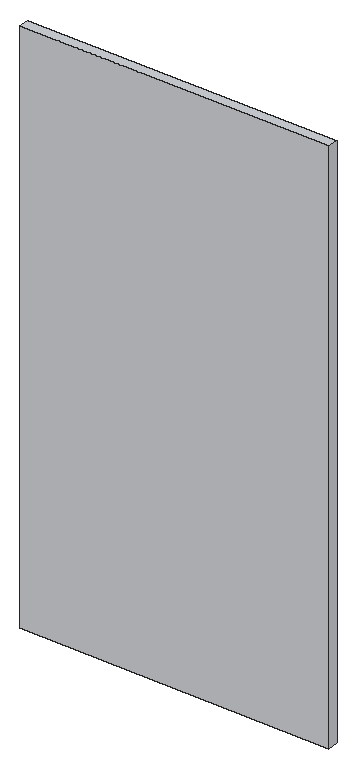
Revit family "Door_CavitySlider", category Doors, host Wall, Revit 2022
Family settings
  Host = Wall
  OmniClass Number = 23.30.10.00
  OmniClass Title = Doors
  Always vertical = Yes
  Cut with Voids When Loaded = No
  Shared = No
  Room Calculation Point = No
Parameters
  Function = Interior
  Frame Projection Ext. = 25 mm
  Frame Projection Int. = 25 mm
  Frame Width = 75 mm
  Height = 2100 mm
  Wall Closure = By host
  Width = 1200 mm
  DoorThickness = 40 mm
Reference planes
  plane 1: y = 0
  plane 2 "Center (Left/Right)": x = 0
  plane 3 "Left": x = -600
  plane 4 "Right": x = 600
  plane 5: z = 2100
  plane 6 "Exterior": y = 75
  plane 7 "Interior": y = -75
  plane 8: x = -1800
  plane 9: y = 20
  plane 10: y = -20
  plane 11: y = 40
  plane 12: y = -40
Forms (mm)
  Extrusion 1, void
    sketch origin (0, 0, 0) x (1, 0, 0) y (0, 1, 0)
      loop
        line (-1800, 40) -> (-1800, -40) -> (-600, -40) -> (-600, 40) -> (-1800, 40)
    from 0 to 2100
  Extrusion 2, void
    sketch origin (1200, 0, 0) x (1, 0, 0) y (0, 1, 0)
      loop
        line (-1800, 75) -> (-1800, -75) -> (-600, -75) -> (-600, 75) -> (-1800, 75)
    from 0 to 2100
Text (mm)
  text "Exterior" at (-1376.75, 1099.543, 0), in view "Ref. Level"
  text "Exterior" at (0, 1615.38, 3698.081), in view "Left"
  text "Exterior" at (0, 1036.032, 3874.932), in view "Right"
Dimensions and locks
  equal spacing: plane 3 "Left", plane 2 "Center (Left/Right)", plane 4 "Right"
  "Width": plane 3 "Left" to plane 4 "Right"
  "Height": plane 5 to host wall
  host wall to plane 5 = 2100 mm  (x2)
  locked: plane 6 "Exterior" to host wall
  locked: plane 7 "Interior" to host wall
  "Width": plane 8 to plane 3 "Left"
  equal spacing: plane 9, plane 1, plane 10
  "DoorThickness": plane 9 to plane 10
  locked: plane 12 to plane 10 at 20
  locked: plane 11 to plane 9 at 20
  aligned and locked: plane 1 to host wall
  aligned and locked: host wall to nested 1
  aligned and locked: plane 2 "Center (Left/Right)" to nested 1
  aligned and locked: nested 1 to level
  aligned and locked: Extrusion 1 sketch curve to plane 8
  aligned and locked: Extrusion 1 to plane 5
  aligned and locked: Extrusion 1 to level
  aligned and locked: Extrusion 1 sketch curve to plane 3 "Left"
  aligned and locked: Extrusion 2 sketch curve to host wall
  aligned and locked: plane 11 to Extrusion 1 sketch curve
  aligned and locked: plane 12 to Extrusion 1 sketch curve
Automatic sketch dimensions
  Extrusion 2 sketch curve to plane 3 "Left" = 0 mm
  Extrusion 2 sketch curve to plane 4 "Right" = 0 mm
  plane 10 to Extrusion 2 sketch curve = 55 mm
Nested families
  nested 1: "DoorPanel" at (0, 0, 0), type "DoorPanel"
Definition of nested family "DoorPanel"
  Parameters (values of type "DoorPanel")
    DoorPanel_Width = 1200 mm
    DoorPanel_Thickness = 40 mm
    DoorPanel_Height = 2100 mm
    Default Elevation = 0 mm
  Reference planes
    plane 1 "Center (Front/Back)": y = 0
    plane 2: z = 0
    plane 3 "Center (Left/Right)": x = 0
    plane 4: x = -600
    plane 5: x = 600
    plane 6: y = 20
    plane 7: y = -20
    plane 8: z = 2100
  Forms (mm)
    Extrusion 1, solid
      sketch origin (0, 0, 0) x (1, 0, 0) y (0, 1, 0)
        loop
          line (-600, 20) -> (-600, -20) -> (600, -20) -> (600, 20) -> (-600, 20)
      from 0 to 2100
  Dimensions and locks
    equal spacing: plane 4, plane 3 "Center (Left/Right)", plane 5
    equal spacing: plane 6, plane 1 "Center (Front/Back)", plane 7
    "DoorPanel_Width": plane 4 to plane 5
    "DoorPanel_Thickness": plane 6 to plane 7
    "DoorPanel_Height": plane 8 to plane 2
    aligned and locked: level to plane 2
    aligned and locked: Extrusion 1 sketch curve to plane 6
    aligned and locked: Extrusion 1 sketch curve to plane 7
    aligned and locked: Extrusion 1 sketch curve to plane 4
    aligned and locked: Extrusion 1 sketch curve to plane 5
    aligned and locked: plane 8 to Extrusion 1
    aligned and locked: Extrusion 1 to plane 2
